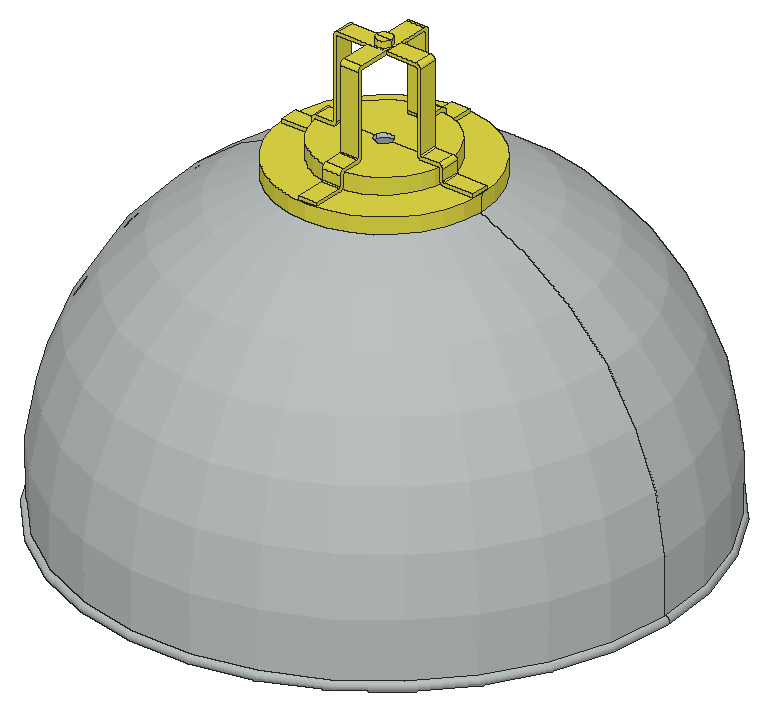
Revit family "BTD16 SHADE", category Lighting Fixtures, Revit 2024
Family settings
  Round Connector Dimension = Use Diameter
  Part Type = Normal
  OmniClass Number = 23.80.70.00
  OmniClass Title = Lighting
  Work Plane-Based = No
  Always vertical = Yes
  Cut with Voids When Loaded = No
  Light Source = Yes
  Maintain Annotation Orientation = No
  Shared = No
  Room Calculation Point = No
Parameters
  Wattage = 12.1178 W
  built-in parameter 1150110 = 1 (stored number, unit not read)
  built-in parameter 1114217 = 1 (stored number, unit not read)
  built-in parameter 1150109 = 1 (stored number, unit not read)
  built-in parameter 1150134 = (empty or 0)
  built-in parameter 1150113 = 1 (stored number, unit not read)
  Lumens = 1800 lm
  built-in parameter 1150115 = 1 (stored number, unit not read)
  built-in parameter 1150105 = 572.96 (stored number, unit not read)
  Light Source Symbol Size = 2' - 0"
  built-in parameter 1150137 = (empty or 0)
  built-in parameter 1150139 = (empty or 0)
  built-in parameter 1150112 = 1 (stored number, unit not read)
  built-in parameter 1150114 = 1 (stored number, unit not read)
  built-in parameter 1150132 = 2
  built-in parameter 1150102 = (empty or 0)
  built-in parameter 1150138 = (empty or 0)
  built-in parameter 1150107 = 3000 (stored number, unit not read)
  built-in parameter 1150106 = 5.7296 (stored number, unit not read)
  built-in parameter 1150104 = 13.8 (stored number, unit not read)
  Dimming Lamp Color Temperature Shift = (empty or 0)
  Default Elevation = 0' - 0"
  Color Filter = 16777215
  built-in parameter 1114218 = 1 (stored number, unit not read)
  built-in parameter 1150133 = 10 (stored number, unit not read)
Reference planes (in)
  plane 1 "Light Source Axis (F/B)": y = 0
  plane 2: z = 0
  plane 3 "Light Source Axis (L/R)": x = 0
  plane 4 "Light Source Elevation": z = 84
Forms (in)
  Revolve 1, solid
    sketch origin (0, 0, 0) x (1, 0, 0) y (0, 0, 1)
      loop
        arc (-7.76588, 84.10355) -> (-6.68176, 89.24586) -> (-2.60589, 92.56337) r 7.88125
        line (-2.60589, 92.56337) -> (-2.63744, 92.65165)
        arc (-2.63744, 92.65165) -> (-6.71269, 89.37413) -> (-7.88125, 84.27665) r 7.975
        arc (-7.88125, 84.27665) -> (-7.98526, 84.08233) -> (-7.76588, 84.10355) r 0.125
      axis (0, 92.65165) -> (0, 84.10355)
    angle from 0 to 360
  Revolve 2, solid
    sketch origin (0, 0, 0) x (1, 0, 0) y (0, 0, 1)
      loop
        line (-2.75625, 92.65165) -> (-2.6625, 92.65165) -> (-2.6625, 92.9954) -> (-1.6625, 92.9954) -> (-1.6625, 93.4329) -> (-0.25, 93.4329) -> (-0.25, 93.52665) -> (-1.75625, 93.52665) -> (-1.75625, 93.08915) -> (-2.75625, 93.08915) -> (-2.75625, 92.65165)
      axis (-0.00481, 93.52665) -> (-0.00481, 92.65165)
    angle from 0 to 360
  Sweep 3, solid
    path origin (0, 0, 0) x (1, 0, 0) y (0, 0, 1)
      loop
        line (-2.69375, 93.08915) -> (-1.88125, 93.08915)
        arc (-1.88125, 93.08915) -> (-1.79286, 93.12576) -> (-1.75625, 93.21415) r 0.125
        line (-1.75625, 93.21415) -> (-1.75625, 93.4954)
        arc (-1.75625, 93.4954) -> (-1.7471, 93.5175) -> (-1.725, 93.52665) r 0.03125
        line (-1.725, 93.52665) -> (-1.25625, 93.52665)
        arc (-1.25625, 93.52665) -> (-1.16786, 93.56326) -> (-1.13125, 93.65165) r 0.125
        line (-1.13125, 93.65165) -> (-1.13125, 95.8079)
        arc (-1.13125, 95.8079) -> (-1.1221, 95.83) -> (-1.1, 95.83915) r 0.03125
        line (-1.1, 95.83915) -> (-0.00612, 95.83915)
    profile origin (-2.2875, 0, 93.08915) x (0, 0, 1) y (0, -1, 0)
      loop
        line (0, 0) -> (0, -0.25) -> (0.09375, -0.25) -> (0.09375, 0.25) -> (0, 0.25) -> (0, 0)
  Sweep 4, solid
    path origin (0, 0, 0) x (0, -1, 0) y (0, 0, 1)
      loop
        line (-2.69375, 93.08915) -> (-1.88125, 93.08915)
        arc (-1.88125, 93.08915) -> (-1.79286, 93.12576) -> (-1.75625, 93.21415) r 0.125
        line (-1.75625, 93.21415) -> (-1.75625, 93.4954)
        arc (-1.75625, 93.4954) -> (-1.7471, 93.5175) -> (-1.725, 93.52665) r 0.03125
        line (-1.725, 93.52665) -> (-1.25625, 93.52665)
        arc (-1.25625, 93.52665) -> (-1.16786, 93.56326) -> (-1.13125, 93.65165) r 0.125
        line (-1.13125, 93.65165) -> (-1.13125, 95.8079)
        arc (-1.13125, 95.8079) -> (-1.1221, 95.83) -> (-1.1, 95.83915) r 0.03125
        line (-1.1, 95.83915) -> (-0.00612, 95.83915)
    profile origin (0, 2.2875, 93.08915) x (0, 0, 1) y (-1, 0, 0)
      loop
        line (0, 0) -> (0, -0.25) -> (0.09375, -0.25) -> (0.09375, 0.25) -> (0, 0.25) -> (0, 0)
  Sweep 5, solid
    path origin (0, 0, 0) x (0, 1, 0) y (0, 0, 1)
      loop
        line (-2.69375, 93.08915) -> (-1.88125, 93.08915)
        arc (-1.88125, 93.08915) -> (-1.79286, 93.12576) -> (-1.75625, 93.21415) r 0.125
        line (-1.75625, 93.21415) -> (-1.75625, 93.4954)
        arc (-1.75625, 93.4954) -> (-1.7471, 93.5175) -> (-1.725, 93.52665) r 0.03125
        line (-1.725, 93.52665) -> (-1.25625, 93.52665)
        arc (-1.25625, 93.52665) -> (-1.16786, 93.56326) -> (-1.13125, 93.65165) r 0.125
        line (-1.13125, 93.65165) -> (-1.13125, 95.8079)
        arc (-1.13125, 95.8079) -> (-1.1221, 95.83) -> (-1.1, 95.83915) r 0.03125
        line (-1.1, 95.83915) -> (-0.00612, 95.83915)
    profile origin (0, -2.2875, 93.08915) x (0, 0, 1) y (1, 0, 0)
      loop
        line (0, 0) -> (0, -0.25) -> (0.09375, -0.25) -> (0.09375, 0.25) -> (0, 0.25) -> (0, 0)
  Sweep 6, solid
    path origin (0, 0, 0) x (-1, 0, 0) y (0, 0, 1)
      loop
        line (-2.69375, 93.08915) -> (-1.88125, 93.08915)
        arc (-1.88125, 93.08915) -> (-1.79286, 93.12576) -> (-1.75625, 93.21415) r 0.125
        line (-1.75625, 93.21415) -> (-1.75625, 93.4954)
        arc (-1.75625, 93.4954) -> (-1.7471, 93.5175) -> (-1.725, 93.52665) r 0.03125
        line (-1.725, 93.52665) -> (-1.25625, 93.52665)
        arc (-1.25625, 93.52665) -> (-1.16786, 93.56326) -> (-1.13125, 93.65165) r 0.125
        line (-1.13125, 93.65165) -> (-1.13125, 95.8079)
        arc (-1.13125, 95.8079) -> (-1.1221, 95.83) -> (-1.1, 95.83915) r 0.03125
        line (-1.1, 95.83915) -> (-0.00612, 95.83915)
    profile origin (2.2875, 0, 93.08915) x (0, 0, 1) y (0, 1, 0)
      loop
        line (0, 0) -> (0, -0.25) -> (0.09375, -0.25) -> (0.09375, 0.25) -> (0, 0.25) -> (0, 0)
  Revolve 7, solid
    sketch origin (0, 0, 0) x (1, 0, 0) y (0, 0, 1)
      loop
        line (-0.2186, 95.9329) -> (-0.00625, 95.9329) -> (-0.00625, 96.08937) -> (-0.2186, 96.08937) -> (-0.2186, 95.9329)
      axis (-0.00625, 96.08937) -> (-0.00625, 95.9329)
    angle from 0 to 360
Dimensions and locks (in)
  aligned and locked: plane 3 "Light Source Axis (L/R)" to imposter light
  aligned and locked: plane 1 "Light Source Axis (F/B)" to imposter light
  aligned and locked: plane 4 "Light Source Elevation" to imposter light
  aligned and locked: level to plane 2
